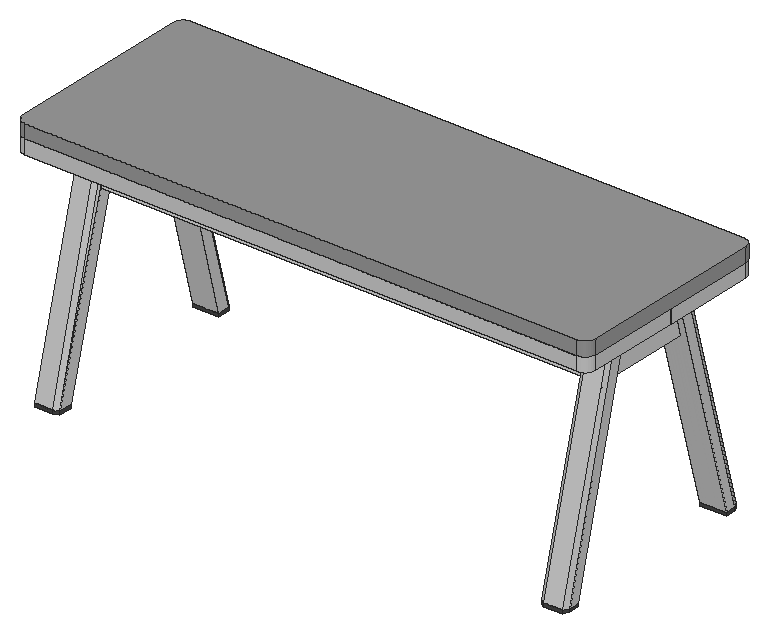
Revit family "Haworth_Intuity_Parkbench_Sitbench_EU_PRELIMINARY", category Furniture, Revit 2018
Family settings
  OmniClass Number = 23.40.20.00
  OmniClass Title = General Furniture and Specialties
  Work Plane-Based = No
  Always vertical = Yes
  Cut with Voids When Loaded = No
  Shared = No
  Room Calculation Point = No
Parameters (values of type "Metal Leg - with Cushion")
  without Cushion = not(Cushion)  # no
  Warranty = "http://www.haworth.com/resources/product-info/warranties"
  Version = "1"  # constant formula
  URL - Product = "https://www.haworth.com/eu/en/products/meeting-tables/intuity-park-bench.html"
  URL = "https://www.haworth.com/eu/en.html"
  Top Finish [instance] = Haworth _ Paint _ Allways Undecided
  Size = "Verify Final Dim. w/ Haworth"  # constant formula
  Model = "PBSB1104"  # constant formula
  Manufacturer = "Haworth"  # constant formula
  Leg Finish [instance] = Haworth _ Paint _ Allways Undecided
  Glide Finish = Haworth _ Paint _ Allways Black
  Description = "Haworth - Intuity - Parkbench - Sitbench"  # constant formula
  Cushion Finish [instance] = Haworth _ Fabric _ Undecided _ Seating _ Lounge
  Cushion = yes
  Base Finish [instance] = Haworth _ Paint _ Allways Undecided
  Author = "Haworth (Abd Rahman)"  # constant formula
  Assembly Code = "E2020200"
  Actual Width = 110 cm  # constant formula
  Actual Height = 45 cm  # constant formula
  Actual Depth = 40 cm  # constant formula
Types (3, lengths in cm): name | without Cushion | Cushion
  (no name) | no | yes
  Metal Leg - with Cushion | no | yes
  Metal Leg - w/o Cushion | yes | no
Reference planes (cm)
  plane 1: z = 0
  plane 2 "Center Left/Right": x = 2.1966
  plane 3: y = 82.425
  plane 4 "Front": y = 42.425
  plane 5: y = 62.425
  plane 6: z = 45
  plane 7: x = -52.8034
  plane 8: x = 57.1966
  plane 9: z = 1.56
  plane 10: z = 3.4
  plane 11 "Leg 1": x = -45.5053
  plane 12 "Leg 2": x = 49.8985
  plane 13: z = 42.321
  plane 14: z = 34.4111
Forms (cm)
  Blend 1, solid, material "Haworth _ Paint _ Allways Undecided" <- "Leg Finish"
    base sketch origin (2, 9.35, 0) x (1, 0, 0) y (0, 1, 0)
      loop
        line (50.9258, 74.0816) -> (47.4279, 74.2037) -> (46.5465, 73.7045) -> (46.4008, 71.1865) -> (51.4429, 71.1865) -> (51.4429, 73.1686) -> (50.9258, 74.0816)
    top sketch origin (2, 9.35, 0) x (1, 0, 0) y (0, 1, 0)
      loop
        line (51.3473, 59.9291) -> (51.4216, 61.975) -> (50.9291, 62.8666) -> (47.4216, 63.0086) -> (46.549, 62.4863) -> (46.2714, 61.9846) -> (46.1466, 60.008) -> (51.3473, 59.9291)
    from 0.6337 to 42.321
  Blend 2, solid, material "Haworth _ Paint _ Allways Undecided" <- "Base Finish"
    base sketch origin (51.9539, 247.0634, -59.5808) x (-1, 0, 0) y (0, -1, 0)
      loop
        line (-0.1625, 176.0105) -> (2.511, 176.0105) -> (2.511, 192.7246) -> (-0.1625, 192.874) -> (-0.1625, 176.0105)
    top sketch origin (51.9539, 247.0634, -59.5808) x (-1, 0, 0) y (0, -1, 0)
      loop
        line (0.0375, 191.0142) -> (0.0375, 177.7626) -> (2.511, 177.725) -> (2.511, 191.0517) -> (0.0375, 191.0142)
    from 94.3619 to 101.9018
  Blend 3, solid, material "Haworth _ Paint _ Allways Undecided" <- "Leg Finish"
    base sketch origin (2.3932, 9.35, 0) x (-1, 0, 0) y (0, -1, 0)
      loop
        line (50.9258, -74.0816) -> (51.4429, -73.1686) -> (51.4429, -71.1865) -> (46.4008, -71.1865) -> (46.5465, -73.7045) -> (47.4279, -74.2037) -> (50.9258, -74.0816)
    top sketch origin (2.3932, 9.35, 0) x (-1, 0, 0) y (0, -1, 0)
      loop
        line (51.3473, -59.9291) -> (46.1466, -60.008) -> (46.2714, -61.9846) -> (46.549, -62.4863) -> (47.4216, -63.0086) -> (50.9291, -62.8666) -> (51.4216, -61.975) -> (51.3473, -59.9291)
    from 0.6337 to 42.321
  Blend 4, solid, material "Haworth _ Paint _ Allways Undecided" <- "Leg Finish"
    base sketch origin (2, 116, 0) x (1, 0, 0) y (0, 1, 0)
      loop
        line (50.9258, -74.0816) -> (51.4429, -73.1686) -> (51.4429, -71.1865) -> (46.4008, -71.1865) -> (46.5465, -73.7045) -> (47.4279, -74.2037) -> (50.9258, -74.0816)
    top sketch origin (2, 116, 0) x (1, 0, 0) y (0, 1, 0)
      loop
        line (51.3473, -59.9291) -> (46.1466, -60.008) -> (46.2714, -61.9846) -> (46.549, -62.4863) -> (47.4216, -63.0086) -> (50.9291, -62.8666) -> (51.4216, -61.975) -> (51.3473, -59.9291)
    from 0.6337 to 42.321
  Blend 5, solid, material "Haworth _ Paint _ Allways Undecided" <- "Leg Finish"
    base sketch origin (2.3932, 116, 0) x (-1, 0, 0) y (0, -1, 0)
      loop
        line (50.9258, 74.0816) -> (47.4279, 74.2037) -> (46.5465, 73.7045) -> (46.4008, 71.1865) -> (51.4429, 71.1865) -> (51.4429, 73.1686) -> (50.9258, 74.0816)
    top sketch origin (2.3932, 116, 0) x (-1, 0, 0) y (0, -1, 0)
      loop
        line (51.3473, 59.9291) -> (51.4216, 61.975) -> (50.9291, 62.8666) -> (47.4216, 63.0086) -> (46.549, 62.4863) -> (46.2714, 61.9846) -> (46.1466, 60.008) -> (51.3473, 59.9291)
    from 0.6337 to 42.321
  Extrusion 6, solid, material "Haworth _ Paint _ Allways Undecided" <- "Top Finish"
    sketch origin (0, 0, 0) x (1, 0, 0) y (0, 1, 0)
      loop
        line (-52.8034, 62.175) -> (-52.8034, 44.425)
        arc (-52.8034, 44.425) -> (-52.2176, 43.0108) -> (-50.8034, 42.425) r 2
        line (-50.8034, 42.425) -> (55.1966, 42.425)
        arc (55.1966, 42.425) -> (56.6108, 43.0108) -> (57.1966, 44.425) r 2
        line (57.1966, 44.425) -> (57.1966, 62.146) -> (17.6966, 62.146)
        arc (17.6966, 62.146) -> (17.0982, 61.2757) -> (16.0966, 60.9407) r 1.6646
        line (16.0966, 60.9407) -> (-11.3034, 60.9407)
        arc (-11.3034, 60.9407) -> (-12.2487, 61.2919) -> (-12.7354, 62.175) r 1.4478
        line (-12.7354, 62.175) -> (-52.8034, 62.175)
      loop
        line (-52.8034, 62.675) -> (-12.7354, 62.675)
        arc (-12.7354, 62.675) -> (-12.2487, 63.5581) -> (-11.3034, 63.9093) r 1.4478
        line (-11.3034, 63.9093) -> (16.0966, 63.9093)
        arc (16.0966, 63.9093) -> (17.0982, 63.5743) -> (17.6966, 62.704) r 1.6646
        line (17.6966, 62.704) -> (57.1966, 62.704) -> (57.1966, 80.425)
        arc (57.1966, 80.425) -> (56.6108, 81.8392) -> (55.1966, 82.425) r 2
        line (55.1966, 82.425) -> (-50.8034, 82.425)
        arc (-50.8034, 82.425) -> (-52.2176, 81.8392) -> (-52.8034, 80.425) r 2
        line (-52.8034, 80.425) -> (-52.8034, 62.675)
    from 42.321 to 45
  Extrusion 7, solid, material "Haworth _ Paint _ Allways Undecided" <- "Base Finish"
    sketch origin (-39.0534, 0, 0) x (0, -1, 0) y (0, 0, 1)
      loop
        line (-53.9702, 34.7811) -> (-52.0004, 34.7811) -> (-54.025, 42.321) -> (-55.992, 42.321) -> (-53.9702, 34.7811)
    from -87.2665 to 4.8027
  Extrusion 8, solid, material "Haworth _ Paint _ Allways Undecided" <- "Base Finish"
    sketch origin (-39.0534, 125.35, 0) x (0, 1, 0) y (0, 0, -1)
      loop
        line (-53.9702, -34.7811) -> (-55.992, -42.321) -> (-54.025, -42.321) -> (-52.0004, -34.7811) -> (-53.9702, -34.7811)
    from -87.2665 to 4.8027
  Blend 9, solid, material "Haworth _ Paint _ Allways Undecided" <- "Base Finish"
    base sketch origin (-47.5607, 247.0634, -59.5808) x (1, 0, 0) y (0, 1, 0)
      loop
        line (-0.1625, -176.0105) -> (-0.1625, -192.874) -> (2.511, -192.7246) -> (2.511, -176.0105) -> (-0.1625, -176.0105)
    top sketch origin (-47.5607, 247.0634, -59.5808) x (1, 0, 0) y (0, 1, 0)
      loop
        line (0.0375, -191.0142) -> (2.511, -191.0517) -> (2.511, -177.725) -> (0.0375, -177.7626) -> (0.0375, -191.0142)
    from 94.3619 to 101.9018
  Extrusion 10, solid, material "Haworth _ Paint _ Allways Black" <- "Glide Finish"
    sketch origin (0, 0, 0) x (1, 0, 0) y (0, 1, 0)
      loop
        line (52.9258, 41.9184) -> (53.4429, 42.8314) -> (53.4429, 44.8135) -> (48.4008, 44.8135) -> (48.5465, 42.2955) -> (49.4279, 41.7963) -> (52.9258, 41.9184)
    from 0 to 0.6337
  Extrusion 11, solid, material "Haworth _ Paint _ Allways Black" <- "Glide Finish"
    sketch origin (4.3932, 0, 0) x (-1, 0, 0) y (0, -1, 0)
      loop
        line (52.9258, -41.9184) -> (49.4279, -41.7963) -> (48.5465, -42.2955) -> (48.4008, -44.8135) -> (53.4429, -44.8135) -> (53.4429, -42.8314) -> (52.9258, -41.9184)
    from 0 to 0.6337
  Extrusion 12, solid, material "Haworth _ Paint _ Allways Black" <- "Glide Finish"
    sketch origin (0, 125.35, 0) x (1, 0, 0) y (0, 1, 0)
      loop
        line (52.9258, -41.9184) -> (49.4279, -41.7963) -> (48.5465, -42.2955) -> (48.4008, -44.8135) -> (53.4429, -44.8135) -> (53.4429, -42.8314) -> (52.9258, -41.9184)
    from 0 to 0.6337
  Extrusion 13, solid, material "Haworth _ Paint _ Allways Black" <- "Glide Finish"
    sketch origin (4.3932, 125.35, 0) x (-1, 0, 0) y (0, -1, 0)
      loop
        line (52.9258, 41.9184) -> (53.4429, 42.8314) -> (53.4429, 44.8135) -> (48.4008, 44.8135) -> (48.5465, 42.2955) -> (49.4279, 41.7963) -> (52.9258, 41.9184)
    from 0 to 0.6337
  Extrusion 14, solid, material "Haworth _ Fabric _ Undecided _ Seating _ Lounge" <- "Cushion Finish", visible <- "Cushion"
    sketch origin (0, 0, 2.679) x (1, 0, 0) y (0, 1, 0)
      loop
        line (-52.8034, 80.425) -> (-52.8034, 44.425)
        arc (-52.8034, 44.425) -> (-52.2176, 43.0108) -> (-50.8034, 42.425) r 2
        line (-50.8034, 42.425) -> (55.1966, 42.425)
        arc (55.1966, 42.425) -> (56.6108, 43.0108) -> (57.1966, 44.425) r 2
        line (57.1966, 44.425) -> (57.1966, 80.425)
        arc (57.1966, 80.425) -> (56.6108, 81.8392) -> (55.1966, 82.425) r 2
        line (55.1966, 82.425) -> (-50.8034, 82.425)
        arc (-50.8034, 82.425) -> (-52.2176, 81.8392) -> (-52.8034, 80.425) r 2
    from 42.321 to 45
Cuts and joins
  joined: Blend 2, Extrusion 7, Extrusion 8, Blend 9
Lines and regions (cm)
  Masking region 1
    outline origin (0, 0, 0) x (1, 0, 0) y (0, 1, 0)
      loop
        line (55.1966, 82.425) -> (-50.8034, 82.425)
        arc (-50.8034, 82.425) -> (-52.2176, 81.8392) -> (-52.8034, 80.425) r 2
        line (-52.8034, 80.425) -> (-52.8034, 44.425)
        arc (-52.8034, 44.425) -> (-52.2176, 43.0108) -> (-50.8034, 42.425) r 2
        line (-50.8034, 42.425) -> (55.1966, 42.425)
        arc (55.1966, 42.425) -> (56.6108, 43.0108) -> (57.1966, 44.425) r 2
        line (57.1966, 44.425) -> (57.1966, 80.425)
        arc (57.1966, 80.425) -> (56.6108, 81.8392) -> (55.1966, 82.425) r 2
  symbolic lines, style "FurnitureHiddenLines", not visible
    curve 1: line (-43.8562, 73.3496, 0) -> (48.1466, 73.3496, 0)
    curve 2: line (-43.8562, 69.358, 0) -> (-43.8562, 73.3496, 0)
    curve 3: line (48.1466, 69.358, 0) -> (-43.8562, 69.358, 0)
    curve 4: line (48.1466, 73.3496, 0) -> (48.1466, 69.358, 0)
    curve 5: line (48.2131, 52.0004, 0) -> (-43.7534, 52.0004, 0)
    curve 6: line (48.2131, 55.992, 0) -> (48.2131, 52.0004, 0)
    curve 7: line (-43.7534, 55.992, 0) -> (48.2131, 55.992, 0)
    curve 8: line (-43.7534, 52.0004, 0) -> (-43.7534, 55.992, 0)
  symbolic lines, visible <- "without Cushion"
    curve 9: line (16.0966, 60.9407, 0) -> (-11.3034, 60.9407, 0)
    curve 10: arc (-11.3034, 60.9407, 0) -> (-12.2487, 61.2919, 0) -> (-12.7354, 62.175, 0) r 1.4478
    curve 11: arc (17.6966, 62.146, 0) -> (17.0982, 61.2757, 0) -> (16.0966, 60.9407, 0) r 1.6646
    curve 12: line (57.1966, 62.146, 0) -> (17.6966, 62.146, 0)
    curve 13: line (-12.7354, 62.175, 0) -> (-52.8034, 62.175, 0)
    curve 14: line (-52.8034, 62.675, 0) -> (-12.7354, 62.675, 0)
    curve 15: arc (-12.7354, 62.675, 0) -> (-12.2487, 63.5581, 0) -> (-11.3034, 63.9093, 0) r 1.4478
    curve 16: line (-11.3034, 63.9093, 0) -> (16.0966, 63.9093, 0)
    curve 17: arc (16.0966, 63.9093, 0) -> (17.0982, 63.5743, 0) -> (17.6966, 62.704, 0) r 1.6646
    curve 18: line (17.6966, 62.704, 0) -> (57.1966, 62.704, 0)
Dimensions and locks (cm)
  equal spacing: plane 4 "Front", plane 5, plane 3
  "Actual Depth": plane 4 "Front" to plane 3
  "Actual Width": plane 7 to plane 8
  equal spacing: plane 7, plane 2 "Center Left/Right", plane 8
  locked: plane 7 to plane 11 "Leg 1" at 7.2981
  locked: plane 12 "Leg 2" to plane 8 at 7.2981
  "Actual Height": plane 6 to level
  aligned and locked: level to plane 1
  aligned and locked: Blend 1 to plane 13
  aligned and locked: plane 13 to Extrusion 6
  aligned and locked: plane 6 to Extrusion 6
  aligned and locked: Extrusion 10 to level
  aligned and locked: Extrusion 10 to Blend 4
Automatic sketch dimensions
  plane 12 "Leg 2" to Blend 1 sketch curve = 1.4977 cm
  plane 3 to Blend 1 sketch curve = 0.6295 cm
  plane 12 "Leg 2" to Blend 1 sketch curve = 1.352 cm
  plane 12 "Leg 2" to Blend 1 sketch curve = 0.4706 cm
  plane 3 to Blend 1 sketch curve = 1.0066 cm
  Blend 1 sketch curve to plane 12 "Leg 2" = 3.0272 cm
  Blend 1 sketch curve to Blend 1 sketch curve = 0.5171 cm
  Blend 1 sketch curve to Blend 1 sketch curve = 0.4992 cm
  plane 3 to Blend 1 sketch curve = 0.0936 cm
  Blend 1 sketch curve to plane 3 = 1.8885 cm
  plane 12 "Leg 2" to Blend 1 sketch curve = 1.7519 cm
  plane 12 "Leg 2" to Blend 1 sketch curve = 1.6271 cm
  Blend 1 sketch curve to Blend 1 sketch curve = 0.2775 cm
  plane 12 "Leg 2" to Blend 1 sketch curve = 0.4769 cm
  Blend 1 sketch curve to plane 12 "Leg 2" = 3.0306 cm
  Blend 1 sketch curve to Blend 1 sketch curve = 0.4181 cm
  Blend 1 sketch curve to Blend 1 sketch curve = 0.4925 cm
  plane 5 to Blend 1 sketch curve = 9.9336 cm
  Blend 1 sketch curve to Blend 1 sketch curve = 0.142 cm
  Blend 1 sketch curve to Blend 1 sketch curve = 0.5223 cm
  Blend 1 sketch curve to Blend 1 sketch curve = 0.5017 cm
  Blend 1 sketch curve to Blend 1 sketch curve = 0.8916 cm
  Blend 1 sketch curve to Blend 1 sketch curve = 1.9766 cm
  Blend 1 sketch curve to Blend 1 sketch curve = 2.0459 cm
  plane 12 "Leg 2" to Blend 2 sketch curve = 2.2179 cm
  Blend 2 sketch curve to plane 12 "Leg 2" = 0.4556 cm  (x2)
  Blend 2 sketch curve to plane 5 = 8.6278 cm
  plane 5 to Blend 2 sketch curve = 8.0863 cm
  Blend 2 sketch curve to Blend 2 sketch curve = 0.1493 cm
  plane 12 "Leg 2" to Blend 2 sketch curve = 2.0179 cm
  Blend 2 sketch curve to plane 5 = 6.9133 cm
  Blend 2 sketch curve to Blend 2 sketch curve = 0.0375 cm  (x2)
  plane 5 to Blend 2 sketch curve = 6.3758 cm
  Blend 3 sketch curve to plane 11 "Leg 1" = 1.4977 cm
  Blend 3 sketch curve to plane 3 = 0.6295 cm
  Blend 3 sketch curve to plane 11 "Leg 1" = 1.352 cm
  Blend 3 sketch curve to plane 11 "Leg 1" = 0.4706 cm
  Blend 3 sketch curve to plane 3 = 1.0066 cm
  plane 11 "Leg 1" to Blend 3 sketch curve = 3.0272 cm
  Blend 3 sketch curve to Blend 3 sketch curve = 0.5171 cm
  Blend 3 sketch curve to Blend 3 sketch curve = 0.4992 cm
  Blend 3 sketch curve to plane 3 = 0.0936 cm
  plane 3 to Blend 3 sketch curve = 1.8885 cm
  Blend 3 sketch curve to plane 11 "Leg 1" = 1.7519 cm
  Blend 3 sketch curve to plane 11 "Leg 1" = 1.6271 cm
  Blend 3 sketch curve to Blend 3 sketch curve = 0.2775 cm
  Blend 3 sketch curve to plane 11 "Leg 1" = 0.4769 cm
  plane 11 "Leg 1" to Blend 3 sketch curve = 3.0306 cm
  Blend 3 sketch curve to Blend 3 sketch curve = 0.4181 cm
  Blend 3 sketch curve to Blend 3 sketch curve = 0.4925 cm
  Blend 3 sketch curve to plane 5 = 9.9336 cm
  Blend 3 sketch curve to Blend 3 sketch curve = 0.142 cm
  Blend 3 sketch curve to Blend 3 sketch curve = 0.5223 cm
  Blend 3 sketch curve to Blend 3 sketch curve = 0.5017 cm
  Blend 3 sketch curve to Blend 3 sketch curve = 0.8916 cm
  Blend 3 sketch curve to Blend 3 sketch curve = 1.9766 cm
  Blend 3 sketch curve to Blend 3 sketch curve = 2.0459 cm
  Blend 4 sketch curve to plane 12 "Leg 2" = 1.4977 cm
  plane 4 "Front" to Blend 4 sketch curve = 0.1295 cm
  Blend 4 sketch curve to plane 12 "Leg 2" = 1.352 cm
  Blend 4 sketch curve to plane 12 "Leg 2" = 0.4706 cm
  plane 4 "Front" to Blend 4 sketch curve = 0.5066 cm
  plane 12 "Leg 2" to Blend 4 sketch curve = 3.0272 cm
  Blend 4 sketch curve to Blend 4 sketch curve = 0.5171 cm
  plane 4 "Front" to Blend 4 sketch curve = 0.6287 cm
  Blend 4 sketch curve to plane 4 "Front" = 0.4064 cm
  Blend 4 sketch curve to Blend 4 sketch curve = 1.9821 cm
  Blend 4 sketch curve to plane 12 "Leg 2" = 1.7519 cm
  Blend 4 sketch curve to plane 12 "Leg 2" = 1.6271 cm
  Blend 4 sketch curve to Blend 4 sketch curve = 0.2775 cm
  Blend 4 sketch curve to plane 12 "Leg 2" = 0.4769 cm
  plane 12 "Leg 2" to Blend 4 sketch curve = 3.0306 cm
  Blend 4 sketch curve to Blend 4 sketch curve = 0.4181 cm
  Blend 4 sketch curve to Blend 4 sketch curve = 0.4925 cm
  plane 5 to Blend 4 sketch curve = 9.4336 cm
  Blend 4 sketch curve to Blend 4 sketch curve = 0.142 cm
  Blend 4 sketch curve to Blend 4 sketch curve = 0.5223 cm
  Blend 4 sketch curve to Blend 4 sketch curve = 0.5017 cm
  Blend 4 sketch curve to Blend 4 sketch curve = 0.8916 cm
  Blend 4 sketch curve to Blend 4 sketch curve = 1.9766 cm
  Blend 4 sketch curve to Blend 4 sketch curve = 2.0459 cm
  plane 11 "Leg 1" to Blend 5 sketch curve = 1.4977 cm
  Blend 5 sketch curve to plane 4 "Front" = 0.1295 cm
  plane 11 "Leg 1" to Blend 5 sketch curve = 1.352 cm
  plane 11 "Leg 1" to Blend 5 sketch curve = 0.4706 cm
  Blend 5 sketch curve to plane 4 "Front" = 0.5066 cm
  Blend 5 sketch curve to plane 11 "Leg 1" = 3.0272 cm
  Blend 5 sketch curve to Blend 5 sketch curve = 0.5171 cm
  Blend 5 sketch curve to plane 4 "Front" = 0.6287 cm
  plane 4 "Front" to Blend 5 sketch curve = 0.4064 cm
  Blend 5 sketch curve to Blend 5 sketch curve = 1.9821 cm
  plane 11 "Leg 1" to Blend 5 sketch curve = 1.7519 cm
  plane 11 "Leg 1" to Blend 5 sketch curve = 1.6271 cm
  Blend 5 sketch curve to Blend 5 sketch curve = 0.2775 cm
  plane 11 "Leg 1" to Blend 5 sketch curve = 0.4769 cm
  Blend 5 sketch curve to plane 11 "Leg 1" = 3.0306 cm
  Blend 5 sketch curve to Blend 5 sketch curve = 0.4181 cm
  Blend 5 sketch curve to Blend 5 sketch curve = 0.4925 cm
  Blend 5 sketch curve to plane 5 = 9.4336 cm
  Blend 5 sketch curve to Blend 5 sketch curve = 0.142 cm
  Blend 5 sketch curve to Blend 5 sketch curve = 0.5223 cm
  Blend 5 sketch curve to Blend 5 sketch curve = 0.5017 cm
  Blend 5 sketch curve to Blend 5 sketch curve = 0.8916 cm
  Blend 5 sketch curve to Blend 5 sketch curve = 1.9766 cm
  Blend 5 sketch curve to Blend 5 sketch curve = 2.0459 cm
  Extrusion 6 sketch curve to plane 7 = 0 cm  (x2)
  plane 3 to Extrusion 6 sketch curve = 0 cm
  plane 4 "Front" to Extrusion 6 sketch curve = 0 cm
  Extrusion 6 sketch curve to plane 8 = 0 cm  (x2)
  plane 3 to Extrusion 6 sketch curve = 2 cm
  Extrusion 6 sketch curve to plane 4 "Front" = 2 cm  (x2)
  plane 5 to Extrusion 6 sketch curve = 0.25 cm
  Extrusion 6 sketch curve to plane 2 "Center Left/Right" = 14.9319 cm
  Extrusion 6 sketch curve to plane 5 = 0.25 cm
  Extrusion 6 sketch curve to Extrusion 6 sketch curve = 0 cm  (x3)
  plane 5 to Extrusion 6 sketch curve = 1.4843 cm
  Extrusion 6 sketch curve to Extrusion 6 sketch curve = 1.4319 cm
  Extrusion 6 sketch curve to plane 5 = 0.0365 cm
  plane 5 to Extrusion 6 sketch curve = 0.1803 cm
  plane 2 "Center Left/Right" to Extrusion 6 sketch curve = 13.9 cm
  Extrusion 6 sketch curve to plane 5 = 0.1803 cm
  Extrusion 6 sketch curve to plane 5 = 0.279 cm
  plane 5 to Extrusion 6 sketch curve = 0.279 cm
  plane 8 to Extrusion 6 sketch curve = 2 cm
  plane 13 to Extrusion 7 sketch curve = 0 cm
  plane 5 to Extrusion 7 sketch curve = 6.433 cm
  Extrusion 7 sketch curve to Extrusion 7 sketch curve = 1.967 cm
  Extrusion 7 sketch curve to plane 14 = 0.37 cm
  Extrusion 7 sketch curve to Extrusion 7 sketch curve = 0.0548 cm
  Extrusion 7 sketch curve to Extrusion 7 sketch curve = 1.9697 cm
  plane 13 to Extrusion 8 sketch curve = 0 cm
  plane 5 to Extrusion 8 sketch curve = 6.933 cm
  Extrusion 8 sketch curve to Extrusion 8 sketch curve = 1.967 cm
  plane 14 to Extrusion 8 sketch curve = 0.37 cm
  Extrusion 8 sketch curve to Extrusion 8 sketch curve = 0.0548 cm
  Extrusion 8 sketch curve to Extrusion 8 sketch curve = 1.9697 cm
  plane 11 "Leg 1" to Blend 9 sketch curve = 2.2179 cm
  Blend 9 sketch curve to plane 11 "Leg 1" = 0.4556 cm  (x2)
  plane 5 to Blend 9 sketch curve = 8.2356 cm
  Blend 9 sketch curve to Blend 9 sketch curve = 0.1493 cm
  Blend 9 sketch curve to plane 5 = 8.6278 cm
  plane 11 "Leg 1" to Blend 9 sketch curve = 2.0179 cm
  plane 5 to Blend 9 sketch curve = 6.4133 cm
  Blend 9 sketch curve to Blend 9 sketch curve = 0.0375 cm  (x2)
  Blend 9 sketch curve to plane 5 = 6.8758 cm
  Extrusion 10 sketch curve to plane 12 "Leg 2" = 1.4977 cm
  plane 4 "Front" to Extrusion 10 sketch curve = 0.1295 cm
  Extrusion 10 sketch curve to plane 12 "Leg 2" = 1.352 cm
  Extrusion 10 sketch curve to plane 12 "Leg 2" = 0.4706 cm
  plane 4 "Front" to Extrusion 10 sketch curve = 0.5066 cm
  plane 12 "Leg 2" to Extrusion 10 sketch curve = 3.0272 cm
  Extrusion 10 sketch curve to plane 4 "Front" = 0.4064 cm
  Extrusion 10 sketch curve to Extrusion 10 sketch curve = 0.5171 cm
  plane 4 "Front" to Extrusion 10 sketch curve = 0.6287 cm
  Extrusion 10 sketch curve to Extrusion 10 sketch curve = 1.9821 cm
  plane 11 "Leg 1" to Extrusion 11 sketch curve = 1.4977 cm
  Extrusion 11 sketch curve to plane 4 "Front" = 0.1295 cm
  plane 11 "Leg 1" to Extrusion 11 sketch curve = 1.352 cm
  plane 11 "Leg 1" to Extrusion 11 sketch curve = 0.4706 cm
  Extrusion 11 sketch curve to plane 4 "Front" = 0.5066 cm
  Extrusion 11 sketch curve to plane 11 "Leg 1" = 3.0272 cm
  plane 4 "Front" to Extrusion 11 sketch curve = 0.4064 cm
  Extrusion 11 sketch curve to Extrusion 11 sketch curve = 0.5171 cm
  Extrusion 11 sketch curve to plane 4 "Front" = 0.6287 cm
  Extrusion 11 sketch curve to Extrusion 11 sketch curve = 1.9821 cm
  plane 12 "Leg 2" to Extrusion 12 sketch curve = 1.4977 cm
  plane 3 to Extrusion 12 sketch curve = 0.6295 cm
  plane 12 "Leg 2" to Extrusion 12 sketch curve = 1.352 cm
  plane 12 "Leg 2" to Extrusion 12 sketch curve = 0.4706 cm
  plane 3 to Extrusion 12 sketch curve = 1.0066 cm
  Extrusion 12 sketch curve to plane 12 "Leg 2" = 3.0272 cm
  plane 3 to Extrusion 12 sketch curve = 0.0936 cm
  Extrusion 12 sketch curve to Extrusion 12 sketch curve = 0.5171 cm
  Extrusion 12 sketch curve to Extrusion 12 sketch curve = 0.4992 cm
  Extrusion 12 sketch curve to plane 3 = 1.8885 cm
  Extrusion 13 sketch curve to plane 11 "Leg 1" = 1.4977 cm
  Extrusion 13 sketch curve to plane 3 = 0.6295 cm
  Extrusion 13 sketch curve to plane 11 "Leg 1" = 1.352 cm
  Extrusion 13 sketch curve to plane 11 "Leg 1" = 0.4706 cm
  Extrusion 13 sketch curve to plane 3 = 1.0066 cm
  plane 11 "Leg 1" to Extrusion 13 sketch curve = 3.0272 cm
  Extrusion 13 sketch curve to plane 3 = 0.0936 cm
  Extrusion 13 sketch curve to Extrusion 13 sketch curve = 0.5171 cm
  Extrusion 13 sketch curve to Extrusion 13 sketch curve = 0.4992 cm
  plane 3 to Extrusion 13 sketch curve = 1.8885 cm
  Extrusion 14 sketch curve to plane 7 = 0 cm
  plane 4 "Front" to Extrusion 14 sketch curve = 0 cm
  plane 3 to Extrusion 14 sketch curve = 0 cm
  Extrusion 14 sketch curve to plane 8 = 0 cm
  plane 7 to Extrusion 14 sketch curve = 2 cm
  plane 3 to Extrusion 14 sketch curve = 2 cm
  plane 8 to Extrusion 14 sketch curve = 2 cm  (x2)
  plane 3 to Masking region 1 sketch curve = 0 cm
  Masking region 1 sketch curve to plane 8 = 0 cm
  plane 8 to Masking region 1 sketch curve = 2 cm
  Masking region 1 sketch curve to plane 4 "Front" = 2 cm
  plane 4 "Front" to Masking region 1 sketch curve = 0 cm
  plane 7 to Masking region 1 sketch curve = 2 cm
  Masking region 1 sketch curve to plane 7 = 0 cm
  plane 3 to Masking region 1 sketch curve = 2 cm
  curve 2 to plane 11 "Leg 1" = 1.6492 cm
  curve 8 to plane 11 "Leg 1" = 1.7519 cm
  curve 4 to plane 12 "Leg 2" = 1.7519 cm
  curve 6 to plane 12 "Leg 2" = 1.6854 cm
  curve 8 to plane 4 "Front" = 9.5754 cm
  curve 5 to curve 6 = 3.9916 cm
  curve 3 to plane 5 = 6.933 cm
  curve 3 to curve 4 = 3.9916 cm
  plane 5 to curve 10 = 0.0365 cm
  curve 10 to plane 2 "Center Left/Right" = 13.5 cm
  curve 9 to curve 10 = 1.4478 cm
  plane 5 to curve 10 = 0.25 cm
  plane 2 "Center Left/Right" to curve 9 = 13.9 cm
  curve 11 to plane 5 = 0.1803 cm
  plane 5 to curve 11 = 0.279 cm
  curve 14 to curve 10 = 0 cm
  curve 15 to plane 5 = 0.0365 cm
  curve 15 to curve 10 = 0 cm
  curve 16 to curve 11 = 0 cm
  plane 5 to curve 17 = 0.1803 cm
  curve 17 to plane 5 = 0.279 cm
  curve 18 to curve 11 = 0 cm
  curve 14 to plane 7 = 0 cm
  curve 13 to plane 7 = 0 cm
  curve 18 to plane 8 = 0 cm
  curve 12 to plane 8 = 0 cm
